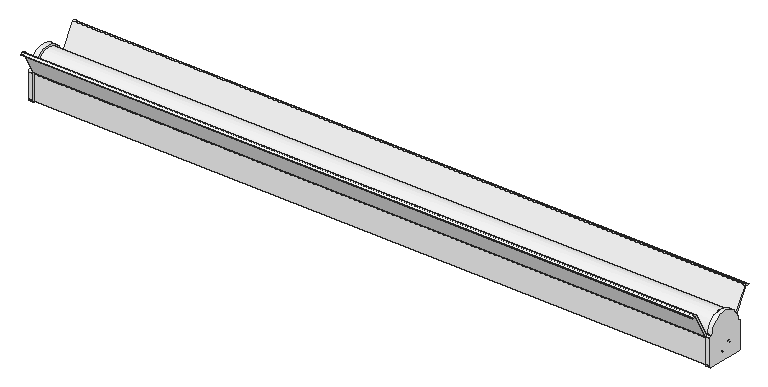
Revit family "0045201+0045233 Feilo Sylvania Lighting Fixture SYLBATTEN LED5-5 NW TP4 E3 with SYMMETRIC REFLECTOR ACCESSORY 1200MM", category Lighting Fixtures, host Face, Revit 2017
Family settings
  Host = Face
  Round Connector Dimension = Use Diameter
  Part Type = Normal
  OmniClass Number = 23.80.70.00
  OmniClass Title = Lighting
  Cut with Voids When Loaded = No
  Light Source = Yes
  Shared = No
  Room Calculation Point = No
Parameters (values of type "0045201 Emergency mode")
  Width_FEILO = 66 mm
  Weight = "3.212 kg"
  Wattage Comments = "n/a"
  Wattage = 54.9451 W
  WarrantyStartDate [instance] = "n/a"
  WarrantyGuarantorParts = "n/a"
  WarrantyDurationUnit = "n/a"
  WarrantyDurationParts = "n/a"
  WarrantyDescription = "n/a"
  built-in parameter 1150110 = 1 (stored number, unit not read)
  Voltage = 230 V
  URL = "http://www.sylvania-lighting.com"
  TypeName = "SYLBATTEN LED5.5 NW TP4 E3"
  Type Image = <None>
  Type Comments = "n/a"
  built-in parameter 1114217 = 1 (stored number, unit not read)
  Tilt Angle = -90.00°
  built-in parameter 1150109 = 1 (stored number, unit not read)
  built-in parameter 1150134 = 12
  SymReflector_FEILO = yes
  built-in parameter 1150113 = 1 (stored number, unit not read)
  SerialNumber [instance] = "n/a"
  PowerFactor = 0
  PowerConsumption = "54.9 W"
  Photometric Web File = "0045201+0045233.ies"
  NominalLength = 1205 mm
  NominalHeight = 91 mm
  NominalDepth = 122 mm
  Name = "SYLBATTEN LED5.5 NW TP4 E3"
  ModelReference = Name  # "SYLBATTEN LED5.5 NW TP4 E3"
  ModelNumber = "0045201"
  Model = Name  # "SYLBATTEN LED5.5 NW TP4 E3"
  Material_4_FEILO = Reflector-Sylvania-Sylbatten-White
  Material_3_FEILO = Diffuser-Sylvania-Sylbatten-Glow
  Material_2_FEILO = Body-Sylvania-Sylbatten-White
  Material_1_FEILO = Body-Sylvania-Sylbatten-White
  Material = "sheet steel housing, polycarbonate diffuser"
  ManufacturerName = "Feilo Sylvania"
  Manufacturer = "Feilo Sylvania"
  LuminousEfficacy = "102.3 lm/W"
  built-in parameter 1150105 = 156.81 (stored number, unit not read)
  Lumens = 450 lm
  LuminaireType = ""
  built-in parameter 1150115 = 1 (stored number, unit not read)
  LightOutputRatio = "100"
  built-in parameter 1150137 = (empty or 0)
  built-in parameter 1150139 = (empty or 0)
  Length_FEILO = 1205 mm
  LampsType = Lamp  # "LED"
  LampNominalLuminous = "450 lm"
  LampMacAdamStep = "n/a"
  LampColourTemperature = "4000 K"
  LampColourRenderingIndex = "80"
  built-in parameter 1150112 = 1 (stored number, unit not read)
  built-in parameter 1150114 = 1 (stored number, unit not read)
  Lamp = "LED"
  Keynote = "16500"
  InstallationDate [instance] = "n/a"
  InputVoltage = "220-240V~"
  InputNominalFrequency = "n/a"
  built-in parameter 1150132 = (empty or 0)
  built-in parameter 1150102 = (empty or 0)
  built-in parameter 1150107 = 4000 (stored number, unit not read)
  built-in parameter 1150138 = (empty or 0)
  IngressProtection = "IP20"
  ImpactProtectionIndex = "IK07"
  built-in parameter 1150106 = 1.5681 (stored number, unit not read)
  IfcExportType = "IfcLightFixtureType"
  IfcExportAs = "IfcLightFixtureType"
  Height_FEILO = 76 mm
  ExpectedLife = 50000
  Emit from Rectangle Width = Length_FEILO - 16 mm  # 1189 mm
  Emit from Rectangle Length = Width_FEILO - 40 mm  # 26 mm
  Emit Shape Visible in Rendering = no
  ElectricShockClassification = "Class I"
  built-in parameter 1150104 = 0.76088 (stored number, unit not read)
  DurationUnit = "hours"
  DocumentationLiterature = "http://www.sylvania-lighting.com/product/en-int/products/0045201"
  DimmingControlOptions = "n/a"
  Dimming Lamp Color Temperature Shift = <None>
  Description = "LED batten, T8 replacement, ease of installation through 2 part push-in design of the housing (safety cable included), through wiring capability (TP4 = 4 core), sheet steel, 5630M, 53W, 106lm/W, 4000K, drive current: 350mA, CRI 80, 138° wide beam angle, electronic driver (non dimmable), integral 3 hour maintained emergency, IP20, IK07, 50,000 hrs (L70), (LxWxH) 1205x66x76mm, 5 step MacAdam ellipse, 3kg, white RAL9016, Class 1, 220-240V, energy class: A++, A+, A."
  Default Elevation = 1219.2 mm
  CreatedOn = "1/25/2018"
  CreatedBy = ""
  Cost = 0
  Color Filter = 16777215
  built-in parameter 1114216 [instance] = (empty or 0)
  ClassificationValue = "EF_70_80"
  ClassificationName = "Uniclass2015"
  CapOffset_FEILO = 2 mm
  BarCode [instance] = "n/a"
  built-in parameter 1114218 = 1 (stored number, unit not read)
  BackReflector_FEILO = and(not(AsymReflector_FEILO), SymReflector_FEILO)  # yes
  built-in parameter 1150133 = 10 (stored number, unit not read)
  FrontReflector_FEILO = or(AsymReflector_FEILO, SymReflector_FEILO)  # yes
  AsymReflector_FEILO = no
  AssetType = "Fixed"
  AssetIdentifier [instance] = "n/a"
  Assembly Code = "D5020200"
  Apparent Load = 54.9451 VA
Types (2, lengths in mm): name | Wattage | PowerConsumption | built-in parameter 1150105 | Lumens | LampNominalLuminous | built-in parameter 1150106 | built-in parameter 1150104 | Apparent Load
  0045201 Emergency mode | 54.9451 W | "54.9 W" | 156.81 (stored number, unit not read) | 450 lm | "450 lm" | 1.5681 (stored number, unit not read) | 0.76088 (stored number, unit not read) | 54.9451 VA
  0045201 SYLBATTEN LED5.5 NW TP4 E3 | 55 W | "55 W" | 448.01 (stored number, unit not read) | 5629.8 lm | "5630 lm" | 4.4801 (stored number, unit not read) | 9.5096 (stored number, unit not read) | 55 VA
Reference planes
  plane 1 "Center (Front/Back)": y = 0
  plane 2: z = 0
  plane 3 "Center (Left/Right)": x = 0
  plane 4: x = 602.5
  plane 5: x = -602.5
  plane 6: y = 33
  plane 7: y = -33
  plane 8: z = 76
  plane 9: z = 47
  plane 10: y = -29
  plane 11: y = 29
  plane 12: z = 20
  plane 13: z = 74
  plane 14: y = -31
  plane 15: y = -27
  plane 16: y = 27
  plane 17: y = 31
  plane 18: z = 2
  plane 19: x = -594.5
  plane 20: x = 594.5
  plane 21: z = 49
  plane 22: y = 1
  plane 23: y = -1
  plane 24: z = 21
  plane 25: z = 19
  plane 26: y = -61
  plane 27: y = 61
  plane 28: y = -56
  plane 29: y = 56
  plane 30: z = 91
  plane 31: z = 88
Forms (mm)
  Extrusion 1, solid, material "Body-Sylvania-Sylbatten-White" <- "Material_2_FEILO"
    sketch origin (0, 0, 0) x (0, 1, 0) y (0, 0, 1)
      loop
        line (-31, 2) -> (31, 2) -> (31, 45)
        arc (31, 45) -> (30.414, 46.414) -> (29, 47) r 2
        line (29, 47) -> (27, 47)
        arc (27, 47) -> (0, 74) -> (-27, 47) r 27
        line (-27, 47) -> (-29, 47)
        arc (-29, 47) -> (-30.414, 46.414) -> (-31, 45) r 2
        line (-31, 45) -> (-31, 2)
    from -594.5 to 594.5
  Extrusion 2, solid, material "Body-Sylvania-Sylbatten-White" <- "Material_2_FEILO"
    sketch origin (602.5, 1524, 1219.2) x (0, 1, 0) y (0, 0, 1)
      loop
        arc (-1494, -1219.2) -> (-1491.879, -1218.321) -> (-1491, -1216.2) r 3
        line (-1491, -1216.2) -> (-1491, -1173.2)
        arc (-1491, -1173.2) -> (-1491.879, -1171.079) -> (-1494, -1170.2) r 3
        line (-1494, -1170.2) -> (-1495.069, -1170.2)
        arc (-1495.069, -1170.2) -> (-1524, -1143.2) -> (-1552.931, -1170.2) r 29
        line (-1552.931, -1170.2) -> (-1554, -1170.2)
        arc (-1554, -1170.2) -> (-1556.121, -1171.079) -> (-1557, -1173.2) r 3
        line (-1557, -1173.2) -> (-1557, -1216.2)
        arc (-1557, -1216.2) -> (-1556.121, -1218.321) -> (-1554, -1219.2) r 3
        line (-1554, -1219.2) -> (-1494, -1219.2)
      loop
        arc (-1525, -1189.25) -> (-1531.071, -1192.129) -> (-1533.95, -1198.2) r 10
        line (-1533.95, -1198.2) -> (-1532.944, -1198.2)
        arc (-1532.944, -1198.2) -> (-1530.364, -1192.836) -> (-1525, -1190.256) r 9
        line (-1525, -1190.256) -> (-1525, -1189.25)
      loop
        arc (-1523, -1190.256) -> (-1517.636, -1192.836) -> (-1515.056, -1198.2) r 9
        line (-1515.056, -1198.2) -> (-1514.05, -1198.2)
        arc (-1514.05, -1198.2) -> (-1516.929, -1192.129) -> (-1523, -1189.25) r 10
        line (-1523, -1189.25) -> (-1523, -1190.256)
      loop
        line (-1532.944, -1200.2) -> (-1533.95, -1200.2)
        arc (-1533.95, -1200.2) -> (-1531.071, -1206.271) -> (-1525, -1209.15) r 10
        line (-1525, -1209.15) -> (-1525, -1208.144)
        arc (-1525, -1208.144) -> (-1530.364, -1205.564) -> (-1532.944, -1200.2) r 9
      loop
        arc (-1515.056, -1200.2) -> (-1517.636, -1205.564) -> (-1523, -1208.144) r 9
        line (-1523, -1208.144) -> (-1523, -1209.15)
        arc (-1523, -1209.15) -> (-1516.929, -1206.271) -> (-1514.05, -1200.2) r 10
        line (-1514.05, -1200.2) -> (-1515.056, -1200.2)
    from 0 to -8
  Extrusion 3, solid, material "Body-Sylvania-Sylbatten-White" <- "Material_2_FEILO"
    sketch origin (-602.5, 1524, 1219.2) x (0, 1, 0) y (0, 0, 1)
      loop
        arc (-1495.069, -1170.2) -> (-1524, -1143.2) -> (-1552.931, -1170.2) r 29
        line (-1552.931, -1170.2) -> (-1554, -1170.2)
        arc (-1554, -1170.2) -> (-1556.121, -1171.079) -> (-1557, -1173.2) r 3
        line (-1557, -1173.2) -> (-1557, -1216.2)
        arc (-1557, -1216.2) -> (-1556.121, -1218.321) -> (-1554, -1219.2) r 3
        line (-1554, -1219.2) -> (-1494, -1219.2)
        arc (-1494, -1219.2) -> (-1491.879, -1218.321) -> (-1491, -1216.2) r 3
        line (-1491, -1216.2) -> (-1491, -1173.2)
        arc (-1491, -1173.2) -> (-1491.879, -1171.079) -> (-1494, -1170.2) r 3
        line (-1494, -1170.2) -> (-1495.069, -1170.2)
      loop
        line (-1533.95, -1198.2) -> (-1532.944, -1198.2)
        arc (-1532.944, -1198.2) -> (-1530.364, -1192.836) -> (-1525, -1190.256) r 9
        line (-1525, -1190.256) -> (-1525, -1189.25)
        arc (-1525, -1189.25) -> (-1531.071, -1192.129) -> (-1533.95, -1198.2) r 10
      loop
        line (-1523, -1189.25) -> (-1523, -1190.256)
        arc (-1523, -1190.256) -> (-1517.636, -1192.836) -> (-1515.056, -1198.2) r 9
        line (-1515.056, -1198.2) -> (-1514.05, -1198.2)
        arc (-1514.05, -1198.2) -> (-1516.929, -1192.129) -> (-1523, -1189.25) r 10
      loop
        line (-1514.05, -1200.2) -> (-1515.056, -1200.2)
        arc (-1515.056, -1200.2) -> (-1517.636, -1205.564) -> (-1523, -1208.144) r 9
        line (-1523, -1208.144) -> (-1523, -1209.15)
        arc (-1523, -1209.15) -> (-1516.929, -1206.271) -> (-1514.05, -1200.2) r 10
      loop
        line (-1525, -1209.15) -> (-1525, -1208.144)
        arc (-1525, -1208.144) -> (-1530.364, -1205.564) -> (-1532.944, -1200.2) r 9
        line (-1532.944, -1200.2) -> (-1533.95, -1200.2)
        arc (-1533.95, -1200.2) -> (-1531.071, -1206.271) -> (-1525, -1209.15) r 10
    from 0 to 8
  Extrusion 4, solid, material "Reflector-Sylvania-Sylbatten-White" <- "Material_4_FEILO", visible <- "FrontReflector_FEILO"
    sketch origin (0, 0, 0) x (0, 1, 0) y (0, 0, 1)
      loop
        line (-61.257, 88.429) -> (-60.743, 87.571) -> (-56.621, 90.044)
        arc (-56.621, 90.044) -> (-56.237, 90.099) -> (-55.929, 89.863) r 0.5
        line (-55.929, 89.863) -> (-31.435, 46.753) -> (-30.565, 47.247) -> (-55.312, 90.802)
        arc (-55.312, 90.802) -> (-55.928, 91.275) -> (-56.696, 91.165) r 1
        line (-56.696, 91.165) -> (-61.257, 88.429)
    from -594.5 to 594.5
  Extrusion 5, solid, material "Reflector-Sylvania-Sylbatten-White" <- "Material_4_FEILO", visible <- "BackReflector_FEILO"
    sketch origin (0, 0, 0) x (0, 1, 0) y (0, 0, 1)
      loop
        line (30.565, 47.247) -> (31.435, 46.753) -> (55.932, 89.868)
        arc (55.932, 89.868) -> (56.245, 90.112) -> (56.638, 90.062) r 0.518
        line (56.638, 90.062) -> (61.033, 87.565) -> (61.527, 88.435) -> (56.682, 91.188)
        arc (56.682, 91.188) -> (55.922, 91.282) -> (55.318, 90.812) r 1
        line (55.318, 90.812) -> (30.565, 47.247)
    from -594.5 to 594.5
Lines and regions (mm)
  reference lines
    curve 1: line (0, -61, 88) -> (0, -56, 91)
    curve 2: line (0, -56, 91) -> (0, -31, 47)
    curve 3: line (0, 31, 47) -> (0, 56, 91)
    curve 4: line (0, 56, 91) -> (0, 61.28, 88)
Dimensions and locks
  equal spacing: plane 5, plane 3 "Center (Left/Right)", plane 4
  equal spacing: plane 7, plane 1 "Center (Front/Back)", plane 6
  "Width_FEILO": plane 7 to plane 6
  "Length_FEILO": plane 5 to plane 4
  "Height_FEILO": plane 8 to plane 2
  locked: plane 9 to plane 8 at 29
  equal spacing: plane 10, plane 1 "Center (Front/Back)", plane 11
  locked: plane 7 to plane 10 at 4
  locked: plane 12 to plane 2 at 20
  "CapOffset_FEILO": plane 13 to plane 8
  "CapOffset_FEILO": plane 7 to plane 14
  "CapOffset_FEILO": plane 10 to plane 15
  "CapOffset_FEILO": plane 17 to plane 6
  "CapOffset_FEILO": plane 16 to plane 11
  "CapOffset_FEILO": plane 18 to plane 2
  locked: plane 14 to Extrusion 1 sketch curve at 2
  locked: Extrusion 1 sketch curve to plane 9 at 2  (x2)
  locked: plane 16 to Extrusion 1 sketch curve at 2
  equal spacing: plane 19, plane 3 "Center (Left/Right)", plane 20
  locked: plane 5 to plane 19 at 8
  "CapOffset_FEILO": plane 9 to plane 21
  locked: Extrusion 2 sketch curve to plane 2 at 47
  locked: Extrusion 1 sketch curve to plane 2 at 47
  locked: Extrusion 2 sketch curve to plane 2 at 3  (x2)
  locked: plane 7 to Extrusion 2 sketch curve at 3  (x2)
  locked: Extrusion 2 sketch curve to plane 6 at 3  (x2)
  locked: Extrusion 2 sketch curve to plane 21 at 3  (x2)
  equal spacing: plane 23, plane 1 "Center (Front/Back)", plane 22
  equal spacing: plane 25, plane 12, plane 24
  plane 30 to plane 31 to plane 2 = 3 mm locked, 88 mm locked
  plane 28 to plane 29 = 112 mm
  plane 26 to plane 27 = 122 mm
  aligned and locked: plane 2 to host face
  aligned and locked: level to host face
  aligned and locked: plane 18 to Extrusion 1 sketch curve
  aligned and locked: plane 14 to Extrusion 1 sketch curve
  aligned and locked: Extrusion 1 sketch curve to plane 9  (x2)
  aligned and locked: Extrusion 1 sketch curve to plane 17
  aligned and locked: plane 15 to Extrusion 1 sketch curve
  aligned and locked: plane 16 to Extrusion 1 sketch curve
  aligned and locked: plane 9 to Extrusion 1 sketch curve
  aligned and locked: plane 20 to Extrusion 1
  aligned and locked: level to Extrusion 2 sketch curve
  aligned and locked: Extrusion 2 sketch curve to plane 7
  aligned and locked: plane 21 to Extrusion 2 sketch curve
  aligned and locked: Extrusion 2 sketch curve to plane 21
  aligned and locked: plane 1 "Center (Front/Back)" to Extrusion 2 sketch curve  (x3)
  aligned and locked: Extrusion 2 to Extrusion 1
  aligned and locked: plane 4 to Extrusion 2
  aligned and locked: plane 12 to Extrusion 2 sketch curve  (x2)
  aligned and locked: Extrusion 2 sketch curve to plane 22
  aligned and locked: Extrusion 2 sketch curve to plane 23
  aligned and locked: Extrusion 2 sketch curve to plane 24
  aligned and locked: Extrusion 2 sketch curve to plane 25
  aligned and locked: plane 25 to Extrusion 2 sketch curve
  aligned and locked: plane 22 to Extrusion 2 sketch curve
  aligned and locked: plane 24 to Extrusion 2 sketch curve
  aligned and locked: plane 23 to Extrusion 2 sketch curve  (x2)
  aligned and locked: Extrusion 3 sketch curve to Extrusion 2  (x22)
  aligned and locked: Extrusion 3 to Extrusion 1
  aligned and locked: Extrusion 3 to plane 5
  aligned and locked: plane 19 to Extrusion 3
  aligned and locked: plane 31 to curve 1
  aligned and locked: plane 30 to curve 1
  aligned and locked: plane 14 to curve 2
  aligned and locked: plane 9 to curve 2
  aligned and locked: plane 17 to curve 3
  aligned and locked: plane 30 to curve 3
  aligned and locked: plane 31 to curve 4
  aligned and locked: Extrusion 4 sketch curve to curve 2
  aligned and locked: Extrusion 4 sketch curve to curve 1
  aligned and locked: Extrusion 4 to Extrusion 1
  aligned and locked: Extrusion 1 to Extrusion 4
  aligned and locked: imposter light to plane 1 "Center (Front/Back)"
  aligned and locked: imposter light to plane 3 "Center (Left/Right)"
  aligned and locked: imposter light to plane 13
  aligned and locked: Extrusion 5 sketch curve to curve 4
  aligned and locked: Extrusion 5 sketch curve to curve 3
  aligned and locked: Extrusion 1 to Extrusion 5
  aligned and locked: Extrusion 5 to Extrusion 1
Automatic sketch dimensions
  host sketch curve to host sketch curve = 2438.4 mm  (x2)
  Extrusion 2 sketch curve to Extrusion 2 sketch curve = 0 mm  (x14)
  Extrusion 2 sketch curve to plane 10 = 0.069 mm
  plane 23 to Extrusion 2 sketch curve = 8.95 mm
  Extrusion 2 sketch curve to Extrusion 2 sketch curve = 1.006 mm  (x4)
  Extrusion 2 sketch curve to plane 22 = 7.944 mm
  curve 1 to plane 26 = 0 mm
  curve 2 to plane 28 = 0 mm
  curve 4 to plane 29 = 0 mm
  plane 9 to curve 3 = 0 mm
  plane 26 to Extrusion 4 sketch curve = 0.257 mm
  Extrusion 4 sketch curve to plane 26 = 0.257 mm
  Extrusion 4 sketch curve to plane 30 = 0.165 mm
  plane 28 to Extrusion 4 sketch curve = 0.696 mm
  plane 28 to Extrusion 4 sketch curve = 0.621 mm
  plane 28 to Extrusion 4 sketch curve = 0.364 mm
  plane 28 to Extrusion 4 sketch curve = 0.182 mm
  Extrusion 4 sketch curve to plane 28 = 0.071 mm
  plane 30 to Extrusion 4 sketch curve = 0.198 mm
  Extrusion 4 sketch curve to plane 28 = 0.688 mm
  plane 9 to Extrusion 4 sketch curve = 0.247 mm
  plane 1 "Center (Front/Back)" to Extrusion 4 sketch curve = 31.435 mm
  Extrusion 5 sketch curve to plane 9 = 0.247 mm
  Extrusion 5 sketch curve to plane 1 "Center (Front/Back)" = 30.565 mm
  plane 9 to Extrusion 5 sketch curve = 0.247 mm
  plane 30 to Extrusion 5 sketch curve = 0.188 mm
  plane 29 to Extrusion 5 sketch curve = 0.068 mm
  Extrusion 5 sketch curve to plane 29 = 0.188 mm
  Extrusion 5 sketch curve to plane 29 = 0.382 mm
  Extrusion 5 sketch curve to Extrusion 5 sketch curve = 0.256 mm
  Extrusion 5 sketch curve to plane 30 = 0.188 mm
  Extrusion 5 sketch curve to plane 29 = 0.682 mm
  Extrusion 5 sketch curve to plane 27 = 0.033 mm
  Extrusion 5 sketch curve to plane 27 = 0.527 mm
Connectors
  electrical at (0, 0, 0), driven by "Apparent Load", driven by "PowerFactor", driven by "Voltage"
    settings: index 1, voltage 230 V, apparent load 54.9451 VA, apparent load phase1 0 VA, apparent load phase2 0 VA, apparent load phase3 0 VA, power factor 0, load classification "Lighting", number of poles 1, system type 30, power factor state 1, is connector primary yes, connector utility no, sub classification motor no, connector description ""
